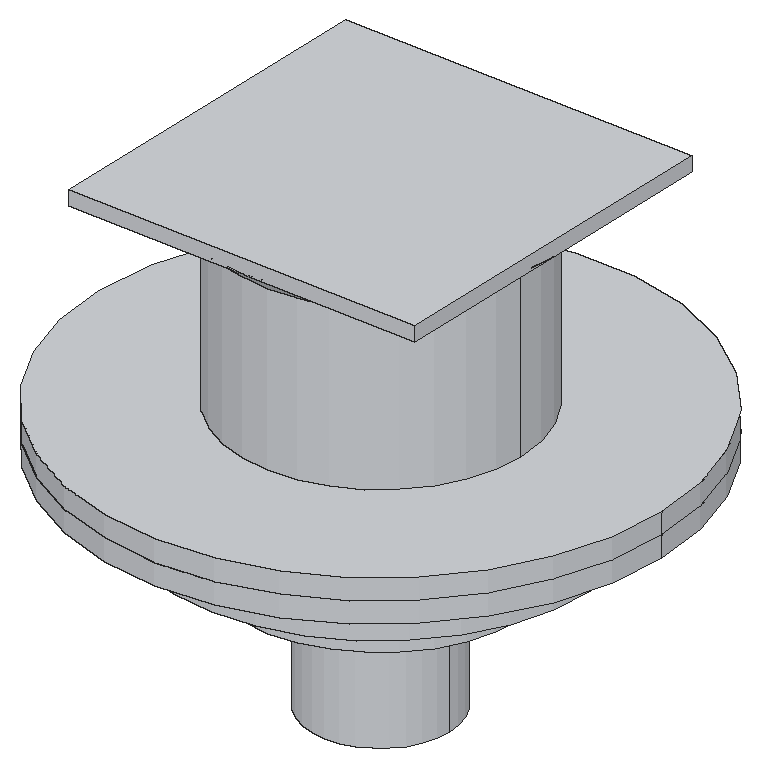
Revit family "49f0d8baa0834df8afd0ae48d7922043", category Plumbing Fixtures, host Face, Revit 2021
Family settings
  Host = Face
  Round Connector Dimension = Use Radius
  Part Type = Normal
  OmniClass Number = 23.45.55.21
  OmniClass Title = Drains (Wastes)
  Seek Item ID = Floor Drain - Rectangular-0000-USA-ENU
  Cut with Voids When Loaded = No
  Shared = No
  Room Calculation Point = No
Parameters (values of type "5"x5" Strainer - 2" Drain")
  WFU = 2
  Strainer Height = 0' - 3 1/4"
  Half Strainer Length = 0' - 2 1/2"
  Strainer Length = 2 * Half Strainer Length  # 0' - 5"
  Radius 2 = (Body Radius - Pipe Radius) / 3 * 2 + Pipe Radius  # 0' - 3.04167"
  Radius 1 = (Body Radius - Pipe Radius) / 3 + Pipe Radius  # 0' - 2.02083"
  Radius 3 = 0.5 * Body Radius  # 0' - 2 1/32"
  Pipe Radius = 1"
  Pipe Diameter = 2 * Pipe Radius  # 2"
  Height 2 = 0.2 * Body Height  # 0' - 0.725"
  Height 1 = 0.5 * Body Height  # 0' - 1 13/16"
  HWFU = 0
  Drain Material = none
  Default Elevation = 0' - 0"
  CWFU = 0
  Body Radius = 0' - 4 1/16"
  Body Height = 0' - 3 5/8"
  Body Diameter = 2 * Body Radius  # 0' - 8 1/8"
Types (10): name | WFU | Strainer Height | Half Strainer Length | Strainer Length | Radius 2 | Radius 1 | Pipe Radius | Pipe Diameter
  (no name) | 2 | 0' - 3 1/4" | 0' - 2 1/2" | 0' - 5" | 0' - 3.04167" | 0' - 2.02083" | 1" | 2"
  5"x5" Strainer - 2" Drain | 2 | 0' - 3 1/4" | 0' - 2 1/2" | 0' - 5" | 0' - 3.04167" | 0' - 2.02083" | 1" | 2"
  5"x5" Strainer - 3" Drain | 3 | 0' - 3 1/4" | 0' - 2 1/2" | 0' - 5" | 0' - 3.20833" | 0' - 2.35417" | 1 1/2" | 3"
  5"x5" Strainer - 4" Drain | 4 | 0' - 3 1/4" | 0' - 2 1/2" | 0' - 5" | 0' - 3 3/8" | 0' - 2 11/16" | 2" | 4"
  6"x6" Strainer - 2" Drain | 2 | 0' - 3 1/4" | 0' - 3" | 0' - 6" | 0' - 3.04167" | 0' - 2.02083" | 1" | 2"
  8"x8" Strainer - 2" Drain | 2 | 0' - 3 5/8" | 0' - 4" | 0' - 8" | 0' - 3.04167" | 0' - 2.02083" | 1" | 2"
  6"x6" Strainer - 3" Drain | 3 | 0' - 3 1/4" | 0' - 3" | 0' - 6" | 0' - 3.20833" | 0' - 2.35417" | 1 1/2" | 3"
  8"x8" Strainer - 3" Drain | 3 | 0' - 3 1/4" | 0' - 4" | 0' - 8" | 0' - 3.20833" | 0' - 2.35417" | 1 1/2" | 3"
  6"x6" Strainer - 4" Drain | 4 | 0' - 3 1/4" | 0' - 3" | 0' - 6" | 0' - 3 3/8" | 0' - 2 11/16" | 2" | 4"
  8"x8" Strainer - 4" Drain | 4 | 0' - 3 5/8" | 0' - 4" | 0' - 8" | 0' - 3 3/8" | 0' - 2 11/16" | 2" | 4"
Reference planes (in)
  plane 1 "Center (Front/Back)": y = 0
  plane 2: z = 0
  plane 3 "Center (Left/Right)": x = 0
  plane 4: z = -5.0625
  plane 5: z = -4.3375
  plane 6: z = -3.55
  plane 7: z = -6.875
  plane 8: z = -2.95
  plane 9: z = -0.6
  plane 10: z = -0.2
  plane 11 "Strainer Top": z = 0
  plane 12: x = -2.5
  plane 13: x = 2.5
  plane 14: y = 2.5
  plane 15: y = -2.5
  plane 16: z = -3.25
  plane 17: x = -2.03125
Forms (in)
  Extrusion 1, solid, material <- "Drain Material"
    sketch origin (0, 0, 0) x (-1, 0, 0) y (0, -1, 0)
      loop
        circle (0, 0) r 1
    from -6.875 to -5.0625
  Extrusion 2, solid, material <- "Drain Material"
    sketch origin (0, 0, 0) x (-1, 0, 0) y (0, -1, 0)
      loop
        circle (0, 0) r 2.02083
    from -5.0625 to -4.3375
  Extrusion 3, solid, material <- "Drain Material"
    sketch origin (0, 0, 0) x (-1, 0, 0) y (0, -1, 0)
      loop
        circle (0, 0) r 3.04167
    from -4.3375 to -3.55
  Extrusion 4, solid, material <- "Drain Material"
    sketch origin (0, 0, 0) x (-1, 0, 0) y (0, -1, 0)
      loop
        circle (0, 0) r 4.0625
    from -3.55 to -3.25
  Extrusion 5, solid, material <- "Drain Material"
    sketch origin (0, 0, 0) x (-1, 0, 0) y (0, -1, 0)
      loop
        circle (0, 0) r 4.0625
    from -3.25 to -2.95
  Extrusion 6, solid, material <- "Drain Material"
    sketch origin (0, 0, 0) x (-1, 0, 0) y (0, -1, 0)
      loop
        circle (0, 0) r 2.03125
    from -2.95 to -0.6
  Revolve 7, solid, material <- "Drain Material"
    sketch origin (0, 0, 0) x (1, 0, 0) y (0, 0, 1)
      loop
        line (-2.5, -0.2) -> (-2.03125, -0.6) -> (0, -0.6) -> (0, -0.2) -> (-2.5, -0.2)
      axis (0, -0.2) -> (0, -0.6)
    angle from 0 to 360
  Extrusion 8, solid, material <- "Drain Material"
    sketch origin (0, 0, 0) x (-1, 0, 0) y (0, -1, 0)
      loop
        line (2.5, -2.5) -> (2.5, 2.5) -> (-2.5, 2.5) -> (-2.5, -2.5) -> (2.5, -2.5)
    from -0.2 to 0
Cuts and joins
  joined: Extrusion 1, Extrusion 2, Extrusion 3, Extrusion 4
  joined: Extrusion 5, Extrusion 6, Revolve 7, Extrusion 8
Lines and regions (in)
  model lines
    curve 1: line (-2.5, 0, 0) -> (2.5, 0, 0)
    curve 2: line (0, 2.5, 0) -> (0, -2.5, 0)
    curve 3: line (-2, 2, 0) -> (2, 2, 0)
    curve 4: line (-2, -2, 0) -> (-2, 2, 0)
    curve 5: line (2, -2, 0) -> (-2, -2, 0)
    curve 6: line (2, 2, 0) -> (2, -2, 0)
    curve 7: line (-1.5, 1.5, 0) -> (1.5, 1.5, 0)
    curve 8: line (-1.5, -1.5, 0) -> (-1.5, 1.5, 0)
    curve 9: line (1.5, -1.5, 0) -> (-1.5, -1.5, 0)
    curve 10: line (1.5, 1.5, 0) -> (1.5, -1.5, 0)
    curve 11: line (-1, 1, 0) -> (1, 1, 0)
    curve 12: line (-1, -1, 0) -> (-1, 1, 0)
    curve 13: line (1, -1, 0) -> (-1, -1, 0)
    curve 14: line (1, 1, 0) -> (1, -1, 0)
    curve 15: line (-0.5, 0.5, 0) -> (0.5, 0.5, 0)
    curve 16: line (-0.5, -0.5, 0) -> (-0.5, 0.5, 0)
    curve 17: line (0.5, -0.5, 0) -> (-0.5, -0.5, 0)
    curve 18: line (0.5, 0.5, 0) -> (0.5, -0.5, 0)
Dimensions and locks (in)
  "Height 2": plane 5 to plane 4
  "Height 1": plane 4 to plane 7
  locked: plane 11 "Strainer Top" to plane 10 at 0.2
  plane 11 "Strainer Top" to plane 2 = 0' - 0"
  locked: plane 10 to plane 9 at 0.4
  equal spacing: plane 14, plane 1 "Center (Front/Back)", plane 15
  "Half Strainer Length": plane 14 to plane 1 "Center (Front/Back)"
  equal spacing: plane 12, plane 3 "Center (Left/Right)", plane 13
  "Half Strainer Length": plane 3 "Center (Left/Right)" to plane 13
  equal spacing: plane 14, curve 3, curve 7, curve 11, curve 15, plane 1 "Center (Front/Back)"
  equal spacing: plane 12, curve 4, curve 8, curve 12, curve 16, plane 3 "Center (Left/Right)"
  equal spacing: plane 1 "Center (Front/Back)", curve 17, curve 13, curve 9, curve 5, plane 15
  equal spacing: plane 3 "Center (Left/Right)", curve 18, curve 14, curve 10, curve 6, plane 13
  "Strainer Height": plane 11 "Strainer Top" to plane 16
  locked: plane 8 to plane 16 at 0.3
  locked: plane 16 to plane 6 at 0.3
  "Body Height": plane 16 to plane 7
  "Radius 3": plane 17 to plane 3 "Center (Left/Right)"
  "Pipe Radius": radius of Extrusion 1 sketch curve
  "Radius 1": radius of Extrusion 2 sketch curve
  "Radius 2": radius of Extrusion 3 sketch curve
  "Body Radius": radius of Extrusion 4 sketch curve
  "Body Radius": radius of Extrusion 5 sketch curve
  "Radius 3": radius of Extrusion 6 sketch curve
  aligned and locked: plane 2 to host face
  aligned and locked: level to host face
  aligned and locked: plane 1 "Center (Front/Back)" to curve 1
  aligned and locked: curve 2 to plane 3 "Center (Left/Right)"
  aligned and locked: plane 12 to curve 1
  aligned and locked: plane 15 to curve 2
  aligned and locked: plane 1 "Center (Front/Back)" to Extrusion 1 sketch curve
  aligned and locked: plane 3 "Center (Left/Right)" to Extrusion 1 sketch curve
  aligned and locked: Extrusion 1 to plane 7
  aligned and locked: plane 4 to Extrusion 1
  aligned and locked: plane 1 "Center (Front/Back)" to Extrusion 2 sketch curve
  aligned and locked: plane 3 "Center (Left/Right)" to Extrusion 2 sketch curve
  aligned and locked: Extrusion 2 to plane 4
  aligned and locked: plane 5 to Extrusion 2
  aligned and locked: plane 1 "Center (Front/Back)" to Extrusion 3 sketch curve
  aligned and locked: plane 3 "Center (Left/Right)" to Extrusion 3 sketch curve
  aligned and locked: Extrusion 3 to plane 5
  aligned and locked: plane 6 to Extrusion 3
  aligned and locked: plane 1 "Center (Front/Back)" to Extrusion 4 sketch curve
  aligned and locked: plane 3 "Center (Left/Right)" to Extrusion 4 sketch curve
  aligned and locked: Extrusion 4 to plane 6
  aligned and locked: plane 16 to Extrusion 4
  aligned and locked: plane 1 "Center (Front/Back)" to Extrusion 5 sketch curve
  aligned and locked: plane 3 "Center (Left/Right)" to Extrusion 5 sketch curve
  aligned and locked: Extrusion 5 to plane 16
  aligned and locked: plane 8 to Extrusion 5
  aligned and locked: plane 1 "Center (Front/Back)" to Extrusion 6 sketch curve
  aligned and locked: plane 3 "Center (Left/Right)" to Extrusion 6 sketch curve
  aligned and locked: Extrusion 6 to plane 8
  aligned and locked: plane 9 to Extrusion 6
  aligned and locked: plane 3 "Center (Left/Right)" to Revolve 7 sketch curve  (x2)
  aligned and locked: plane 17 to Revolve 7 sketch curve
  aligned and locked: plane 9 to Revolve 7 sketch curve  (x2)
  aligned and locked: plane 10 to Revolve 7 sketch curve  (x2)
  aligned and locked: plane 12 to Revolve 7 sketch curve
  aligned and locked: Revolve 7 sketch curve to plane 3 "Center (Left/Right)"
  aligned and locked: plane 12 to Extrusion 8 sketch curve  (x2)
  aligned and locked: Extrusion 8 sketch curve to plane 14
  aligned and locked: plane 13 to Extrusion 8 sketch curve
  aligned and locked: plane 15 to Extrusion 8 sketch curve
  aligned and locked: plane 14 to Extrusion 8 sketch curve
  aligned and locked: Extrusion 8 sketch curve to plane 13
  aligned and locked: Extrusion 8 to plane 10
  aligned and locked: plane 11 "Strainer Top" to Extrusion 8
Automatic sketch dimensions
  host sketch curve to host sketch curve = 8' - 0"  (x2)
  curve 1 to plane 13 = 0' - 0"
  curve 2 to plane 14 = 0' - 0"
  Revolve 7 sketch curve to plane 9 = 0' - 0"
  Revolve 7 sketch curve to plane 10 = 0' - 0"
Connectors (in)
  piping at (0, 0, -6.875), diameter 2, driven by "Pipe Radius", driven by "WFU"
    settings: on cut or joined group of Extrusion 1, Extrusion 2, Extrusion 3, Extrusion 4, index 1, connector inside diameter 2", connector length 0' - 0", flow factor 0, pipe flow 0 GPM, pressure drop 0.00 psi, fitting loss kfactor 0, connector angle 0.00°, fixture units 2, engagement length 0' - 0", angle of deflection 0.00°, flow configuration 3, flow direction 2, fitting loss method 0, system type 16, joint type 0, gender type 0, connector reference index -1, connector utility 0, adjustable connector no, is connector primary yes, connector description "Out"
